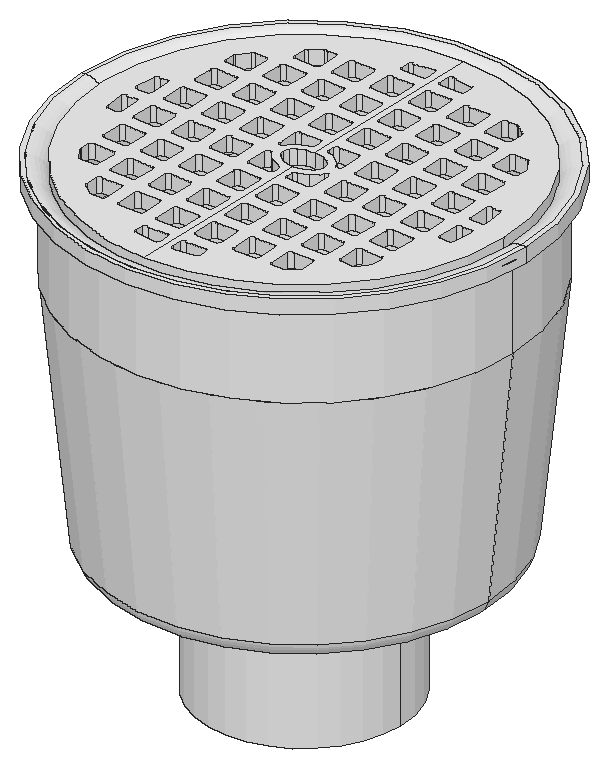
Revit family "Receptor_Sani-Flor_8_Inch_Round_6_Inch_Sump-Zurn-Z1960", category Plumbing Fixtures, Revit 2022
Family settings
  Round Connector Dimension = Use Radius
  Part Type = Normal
  OmniClass Number = 23.45.05.14.14
  OmniClass Title = Sinks/Lavatories
  Work Plane-Based = No
  Always vertical = Yes
  Cut with Voids When Loaded = No
  Maintain Annotation Orientation = No
  Shared = No
  Room Calculation Point = No
Parameters (values of type "Load Family Type Catalog")
  ZN Top height = 0.000"
  ZN Top = no
  Waste Connection = 1 = 1  # yes
  WFU = 0  # constant formula
  Vent Connection = 1 = 0  # no
  URL = "www.zurn.com"
  Type Comments = "Z1960 Sani-Flor Receptor 3 Inch Inside Caulk Outlet"
  Trap Primer = 1 = 0  # no
  Thickness = 0.250"
  Product Installation Sheet URL = "https://files.zurn.com/care-cleaning-install-warranty-sheets/fs16.pdf"
  Grate Open Area (Sq. In) = "14"
  Product data url = "https://www.bimobject.com/en-in/zurnindustries/product/zurn-z1960"
  Product Page URL = "https://www.zurn.com/products/drainage-interceptors/floor-sinks/z1960"
  Product Documentation Link = "https://files.zurn.com/spec-sheets/z1960.pdf"
  Grate Material = Iron - Zurn - Cast - White A.R.E Coated - Interior
  E_ Body Length_Derived = E_ Body Height - ZN Top height  # 8.500"
  Connector Radius = [A_ Pipe Size (Nominal)] / 2  # 1.500"
  Model = "Z1960-3IC"
  Main Material = Iron - Zurn - Cast - White A.R.E Coated - Interior
  HWFU = 0  # constant formula
  HW Connection = 1 = 0  # no
  Description = "8 [203] DIAMETER A.R.E. SANI-FLOR RECEPTOR 6 [152] SUMP DEPTH"  # constant formula
  CWFU = 0  # constant formula
  CW Connection = 1 = 0  # no
  Assembly Code = "D2030300"
  A_ Pipe Size (Nominal) = 3.000"
  A_ Pipe Size (Actual-Outer) = 3.500"
  A_ Pipe Size (Actual-Inner) = 3.026"
  Modified Date = "12/11/2025"  # constant formula
  Manufacurer Brand = "Zurn"  # constant formula
  Manufacturer = "Zurn Water, LLC"  # constant formula
  E_ Body Height = 8.500"
  Default Elevation = 4.000"  # constant formula
  Date Created = "08/29/2022"  # constant formula
  Approx. Weight (Lbs) = 25.000"
Reference planes (in)
  plane 1 "Center (Front/Back)": y = 0
  plane 2 "Top Level": z = -2
  plane 3 "Center (Left/Right)": x = 0
  plane 4: through (-4.38902, 4.38902, 48) normal (0.7071, 0.7071, 0)
  plane 5: through (4.7432, 4.7432, 48) normal (0.7071, -0.7071, 0)
  plane 6: x = -4
  plane 7: x = 4
  plane 8: x = -3.75
  plane 9: x = 3.75
  plane 10: z = -0.25
  plane 11: x = -1.75
  plane 12: x = 1.75
  plane 13: x = -1.513
  plane 14: x = 1.513
  plane 15: z = -6
  plane 16: z = -6.25
  plane 17: z = -8.5
  plane 18: z = 0
  plane 19: y = 1.75
  plane 20: y = -1.75
  plane 21: y = 6.125
  plane 22: y = -6.125
  plane 23: x = -3.25
  plane 24: x = 3.25
  plane 25: x = -3.5
  plane 26: x = 3.5
  plane 27: x = -2.9375
  plane 28: x = 2.9375
  plane 29: z = -0.25
  plane 30: z = -0.5
  plane 31: y = 3.59375
  plane 32: y = -3.59375
  plane 33: x = -3.59375
  plane 34: x = 3.59375
Forms (in)
  Revolve 1, solid, material "Iron - Zurn - Cast - White A.R.E Coated - Interior" <- "Main Material", detail levels fine
    sketch origin (0, 0, 0) x (1, 0, 0) y (0, 0, 1)
      loop
        line (-1.513, -8.5) -> (-1.513, -6) -> (-2.94861, -6)
        arc (-2.94861, -6) -> (-3.02617, -5.97303) -> (-3.07026, -5.90375) r 0.125
        arc (-3.07026, -5.90375) -> (-3.42758, -3.87198) -> (-3.54723, -1.8125) r 17.78516
        line (-3.54723, -1.8125) -> (-3.54723, -0.375)
        arc (-3.54723, -0.375) -> (-3.65706, -0.10983) -> (-3.92223, 0) r 0.375
        line (-3.92223, 0) -> (-4, 0) -> (-4, -0.25) -> (-3.875, -0.25)
        arc (-3.875, -0.25) -> (-3.78661, -0.28661) -> (-3.75, -0.375) r 0.125
        line (-3.75, -0.375) -> (-3.75, -1.8125)
        arc (-3.75, -1.8125) -> (-3.64106, -3.89405) -> (-3.31544, -5.95286) r 19.94141
        arc (-3.31544, -5.95286) -> (-3.18465, -6.1664) -> (-2.94861, -6.25) r 0.375
        line (-2.94861, -6.25) -> (-1.875, -6.25)
        arc (-1.875, -6.25) -> (-1.78661, -6.28661) -> (-1.75, -6.375) r 0.125
        line (-1.75, -6.375) -> (-1.75, -8.5) -> (-1.513, -8.5)
      axis (0, 0) -> (0, -8.5)
    angle from 0 to 360
  Revolve 2, solid, material "Iron - Zurn - Cast - White A.R.E Coated - Interior" <- "Grate Material", visible <- "ZN Top", detail levels fine
    sketch origin (0, 0, 0) x (1, 0, 0) y (0, 0, 1)
      loop
        line (-3.675, 0) -> (-4.25, 0) -> (-4.25, -0.5) -> (-3.5, -0.5) -> (-3.5, -0.25) -> (-3.675, -0.25) -> (-3.675, 0)
      axis (0, 0) -> (0, -0.5)
    angle from 0 to 360
Lines and regions (in)
  Masking region 1, detail levels fine
    outline origin (0, 0, 0) x (1, 0, 0) y (0, 1, 0)
      loop
        circle (0, 0) r 4.25
  model lines, detail levels coarse+medium
    curve 1: line (0, 0, 0) -> (0, 0, -8.5)
    curve 2: line (-1.75, 0, -8.5) -> (1.75, 0, -8.5)
    curve 3: line (0, 1.75, -8.5) -> (0, -1.75, -8.5)
    curve 4: circle (0, 0, 0) r 4.125 normal (0, 0, 1)
    curve 5: circle (0, 0, 0) r 3.56375 normal (0, 0, 1)
    curve 6: line (-2.01363, 2.94034, 0) -> (2.01363, 2.94034, 0)
    curve 7: line (-2.73318, 2.28693, 0) -> (2.73318, 2.28693, 0)
    curve 8: line (-3.16732, 1.63352, 0) -> (3.16732, 1.63352, 0)
    curve 9: line (-3.42632, 0.98011, 0) -> (3.42632, 0.98011, 0)
    curve 10: line (-3.54874, 0.3267, 0) -> (3.54874, 0.3267, 0)
    curve 11: line (3.54874, -0.3267, 0) -> (-3.54874, -0.3267, 0)
    curve 12: line (-3.42632, -0.98011, 0) -> (3.42632, -0.98011, 0)
    curve 13: line (-3.16732, -1.63352, 0) -> (3.16732, -1.63352, 0)
    curve 14: line (-2.73318, -2.28693, 0) -> (2.73318, -2.28693, 0)
    curve 15: line (-2.01363, -2.94034, 0) -> (2.01363, -2.94034, 0)
    curve 16: line (-2.94034, 2.01363, 0) -> (-2.94034, -2.01363, 0)
    curve 17: line (-2.28693, 2.73318, 0) -> (-2.28693, -2.73318, 0)
    curve 18: line (-1.63352, -3.16732, 0) -> (-1.63352, 3.16732, 0)
    curve 19: line (-0.98011, 3.42632, 0) -> (-0.98011, -3.42632, 0)
    curve 20: line (-0.3267, -3.54874, 0) -> (-0.3267, 3.54874, 0)
    curve 21: line (0.3267, 3.54874, 0) -> (0.3267, -3.54874, 0)
    curve 22: line (0.98011, -3.42632, 0) -> (0.98011, 3.42632, 0)
    curve 23: line (1.63352, 3.16732, 0) -> (1.63352, -3.16732, 0)
    curve 24: line (2.28693, 2.73318, 0) -> (2.28693, -2.73318, 0)
    curve 25: line (2.94034, 2.01363, 0) -> (2.94034, -2.01363, 0)
Dimensions and locks (in)
  locked: plane 3 "Center (Left/Right)" to plane 4
  locked: plane 5 to plane 4
  level to plane 2 "Top Level" = 2.000"
  equal spacing: plane 11, plane 3 "Center (Left/Right)", plane 12
  "A_ Pipe Size (Actual-Outer)": plane 11 to plane 12
  equal spacing: plane 14, plane 3 "Center (Left/Right)", plane 13
  "A_ Pipe Size (Actual-Inner)": plane 14 to plane 13
  "A_ Pipe Size (Actual-Outer)": plane 19 to plane 20
  equal spacing: plane 19, plane 1 "Center (Front/Back)", plane 20
  plane 21 to plane 22 = 12.250"
  equal spacing: plane 21, plane 1 "Center (Front/Back)", plane 22
  "Thickness": plane 8 to plane 6
  "Thickness": plane 7 to plane 9
  locked: plane 7 to plane 6 at 8
  equal spacing: plane 7, plane 3 "Center (Left/Right)", plane 6
  equal spacing: plane 24, plane 3 "Center (Left/Right)", plane 23, locked at 3.25 each
  "Thickness": plane 24 to plane 26
  "Thickness": plane 23 to plane 25
  locked: plane 27 to plane 23 at 0.3125
  locked: plane 24 to plane 28 at 0.3125
  "E_ Body Height": level to plane 17
  "Thickness": plane 15 to plane 16
  locked: plane 26 to plane 25 at 7
  locked: plane 18 to plane 15 at 6
  locked: plane 18 to plane 2 "Top Level" at 2
  locked: plane 3 "Center (Left/Right)" to Revolve 1 sketch curve at 2.94861
  locked: Revolve 1 sketch curve to plane 16 at 0.375
  "E_ Body Length_Derived": plane 18 to plane 17
  "Thickness": plane 18 to plane 10
  "Thickness": plane 29 to plane 30
  "Thickness": level to plane 29
  locked: Revolve 2 sketch curve to plane 6 at 0.25
  locked: Revolve 2 sketch curve to plane 6 at 0.325
  plane 31 to plane 1 "Center (Front/Back)" to plane 32 = 3.59375" locked, 3.59375" locked
  equal spacing: plane 31, curve 6, curve 7, curve 8, curve 9, curve 10, curve 11, curve 12, curve 13, curve 14, curve 15, plane 32, locked at 0.65341 each
  plane 33 to plane 3 "Center (Left/Right)" to plane 34 = 3.59375" locked, 3.59375" locked
  equal spacing: plane 33, curve 16, curve 17, curve 18, curve 19, curve 20, curve 21, curve 22, curve 23, curve 24, curve 25, plane 34, locked at 0.65341 each
  radius of curve 5 = 3.56375"
  diameter of Masking region 1 sketch curve = 8.500"
  aligned and locked: plane 11 to curve 2
  aligned and locked: plane 12 to curve 2
  aligned and locked: curve 2 to plane 17
  aligned and locked: level to curve 1
  aligned and locked: plane 17 to curve 1
  aligned and locked: curve 1 to plane 3 "Center (Left/Right)"
  aligned and locked: curve 3 to plane 19
  aligned and locked: plane 20 to curve 3
  aligned and locked: curve 3 to plane 17
  aligned and locked: plane 17 to Revolve 1 sketch curve
  aligned and locked: Revolve 1 sketch curve to plane 11
  aligned and locked: plane 13 to Revolve 1 sketch curve
  aligned and locked: plane 16 to Revolve 1 sketch curve
  aligned and locked: plane 15 to Revolve 1 sketch curve
  aligned and locked: plane 18 to Revolve 1 sketch curve  (x2)
  aligned and locked: Revolve 1 sketch curve to plane 10
  aligned and locked: Revolve 1 sketch curve to plane 6
  aligned and locked: Revolve 1 sketch curve to plane 8
  aligned and locked: Revolve 1 sketch curve to plane 3 "Center (Left/Right)"
  aligned and locked: plane 25 to Revolve 2 sketch curve
  aligned and locked: Revolve 2 sketch curve to plane 30
  aligned and locked: plane 29 to Revolve 2 sketch curve
  aligned and locked: Revolve 2 sketch curve to curve 1
  aligned and locked: nested 1 to level
  aligned and locked: plane 3 "Center (Left/Right)" to nested 1
  aligned and locked: plane 1 "Center (Front/Back)" to nested 1
  aligned and locked: Revolve 2 to level
  aligned and locked: plane 3 "Center (Left/Right)" to curve 4
  aligned and locked: plane 1 "Center (Front/Back)" to curve 4
  aligned and locked: plane 1 "Center (Front/Back)" to curve 5
  aligned and locked: plane 3 "Center (Left/Right)" to curve 5
  aligned and locked: plane 3 "Center (Left/Right)" to Masking region 1 sketch curve
  aligned and locked: plane 1 "Center (Front/Back)" to Masking region 1 sketch curve
Automatic sketch dimensions
  Revolve 1 sketch curve to Revolve 1 sketch curve = 0.000"  (x2)
  Revolve 1 sketch curve to plane 17 = 0.000"
  plane 6 to Revolve 1 sketch curve = 0.07777"
  Revolve 1 sketch curve to Revolve 1 sketch curve = 0.04723"
  Revolve 1 sketch curve to plane 25 = 0.04723"
  Revolve 1 sketch curve to Revolve 1 sketch curve = 0.125"
  plane 2 "Top Level" to Revolve 1 sketch curve = 0.1875"  (x2)
  plane 7 to Revolve 1 sketch curve = 10.23793"
  Revolve 1 sketch curve to Revolve 1 sketch curve = 1.95348"
  Revolve 2 sketch curve to plane 2 "Top Level" = 0.000"
  Revolve 2 sketch curve to level = 0.000"  (x2)
  radius of curve 4 = 4.125"
Nested families (in)
  nested 1: "Z1960-Grate" at (0, 0, 0), Grate Material <- "Grate Material", type "Z1960", detail levels fine
Connectors (in)
  piping at (0, 0, -8.5), diameter 3, driven by "Connector Radius", driven by "Waste Connection"
    settings: on Revolve 1, index 1, connector inside diameter 24", connector length 0.000", flow factor 0, pipe flow 0 GPM, pressure drop 0.00 psi, fitting loss kfactor 0, connector angle 0.00°, fixture units 0, engagement length 0.000", angle of deflection 0.00°, flow configuration 0, flow direction 2, fitting loss method 0, system type 16, joint type 0, gender type 0, connector reference index -1, connector utility 1, adjustable connector no, is connector primary yes, connector description "sanitary Outlet"
Definition of nested family "Z1960-Grate"
  Parameters (values of type "Z1960")
    IC = no
    Grate Material [instance] = none
    E = 9.000"
    Default Elevation = 0.000"
    A1 = A / 2  # 2.000"
    A = 4.000"
  Reference planes (in)
    plane 1 "Center (Front/Back)": y = 0
    plane 2: z = 0
    plane 3 "Center (Left/Right)": x = 0
    plane 4: y = -2
    plane 5: y = 2
  Forms (in)
    Revolve 1, solid, material <- "Grate Material"
      sketch origin (0, 0, 0) x (0, 1, 0) y (0, 0, 1)
        loop
          line (-3.99606, 0) -> (-3.99606, -0.25) -> (0, -0.25) -> (0, 0) -> (-3.99606, 0)
        axis (0, 0) -> (0, -0.25)
      angle from 0 to 360
    Extrusion 2, void
      sketch origin (0, 0, 0) x (1, 0, 0) y (0, 1, 0)
        loop
          arc (-0.17535, 3.15138) -> (-0.35124, 3.13665) -> (-0.52604, 3.1121) r 3.15625
          arc (-0.52604, 3.1121) -> (-0.56336, 3.09082) -> (-0.57812, 3.05048) r 0.0625
          line (-0.57812, 3.05048) -> (-0.57812, 2.92187)
          arc (-0.57812, 2.92187) -> (-0.55982, 2.87768) -> (-0.51562, 2.85937) r 0.0625
          line (-0.51562, 2.85937) -> (-0.17187, 2.85937)
          arc (-0.17187, 2.85937) -> (-0.12768, 2.87768) -> (-0.10937, 2.92187) r 0.0625
          line (-0.10937, 2.92187) -> (-0.10937, 3.08897)
          arc (-0.10937, 3.08897) -> (-0.12893, 3.13438) -> (-0.17535, 3.15138) r 0.0625
        loop
          line (-1.54687, 2.64063) -> (-1.71013, 2.64063)
          arc (-1.71013, 2.64063) -> (-1.72818, 2.63796) -> (-1.74468, 2.63021) r 0.0625
          arc (-1.74468, 2.63021) -> (-1.83793, 2.56591) -> (-1.92882, 2.49831) r 3.15625
          arc (-1.92882, 2.49831) -> (-1.94672, 2.4764) -> (-1.95312, 2.44884) r 0.0625
          line (-1.95312, 2.44884) -> (-1.95312, 2.23437)
          arc (-1.95312, 2.23437) -> (-1.93482, 2.19018) -> (-1.89062, 2.17187) r 0.0625
          line (-1.89062, 2.17187) -> (-1.54687, 2.17187)
          arc (-1.54687, 2.17187) -> (-1.50268, 2.19018) -> (-1.48437, 2.23437) r 0.0625
          line (-1.48437, 2.23437) -> (-1.48437, 2.57813)
          arc (-1.48437, 2.57813) -> (-1.50268, 2.62232) -> (-1.54687, 2.64063) r 0.0625
        loop
          line (-1.26562, 2.57813) -> (-1.26562, 2.23437)
          arc (-1.26562, 2.23437) -> (-1.24732, 2.19018) -> (-1.20312, 2.17187) r 0.0625
          line (-1.20312, 2.17187) -> (-0.85937, 2.17187)
          arc (-0.85937, 2.17187) -> (-0.81518, 2.19018) -> (-0.79687, 2.23437) r 0.0625
          line (-0.79687, 2.23437) -> (-0.79687, 2.57813)
          arc (-0.79687, 2.57813) -> (-0.81518, 2.62232) -> (-0.85937, 2.64063) r 0.0625
          line (-0.85937, 2.64063) -> (-1.20312, 2.64063)
          arc (-1.20312, 2.64063) -> (-1.24732, 2.62232) -> (-1.26562, 2.57813) r 0.0625
        loop
          line (-0.17187, 2.64063) -> (-0.51562, 2.64063)
          arc (-0.51562, 2.64063) -> (-0.55982, 2.62232) -> (-0.57812, 2.57813) r 0.0625
          line (-0.57812, 2.57813) -> (-0.57812, 2.23437)
          arc (-0.57812, 2.23437) -> (-0.55982, 2.19018) -> (-0.51562, 2.17187) r 0.0625
          line (-0.51562, 2.17187) -> (-0.17187, 2.17187)
          arc (-0.17187, 2.17187) -> (-0.12768, 2.19018) -> (-0.10937, 2.23437) r 0.0625
          line (-0.10937, 2.23437) -> (-0.10937, 2.57813)
          arc (-0.10937, 2.57813) -> (-0.12768, 2.62232) -> (-0.17187, 2.64063) r 0.0625
        loop
          line (-0.85937, 1.95312) -> (-1.20312, 1.95312)
          arc (-1.20312, 1.95312) -> (-1.24732, 1.93482) -> (-1.26562, 1.89062) r 0.0625
          line (-1.26562, 1.89062) -> (-1.26562, 1.54687)
          arc (-1.26562, 1.54687) -> (-1.24732, 1.50268) -> (-1.20312, 1.48438) r 0.0625
          line (-1.20312, 1.48438) -> (-0.85937, 1.48437)
          arc (-0.85937, 1.48437) -> (-0.81518, 1.50268) -> (-0.79687, 1.54688) r 0.0625
          line (-0.79687, 1.54688) -> (-0.79687, 1.89062)
          arc (-0.79687, 1.89062) -> (-0.81518, 1.93482) -> (-0.85937, 1.95312) r 0.0625
        loop
          line (-0.17088, 1.95312) -> (-0.51463, 1.95312)
          arc (-0.51463, 1.95312) -> (-0.55882, 1.93482) -> (-0.57713, 1.89062) r 0.0625
          line (-0.57713, 1.89062) -> (-0.57713, 1.54687)
          arc (-0.57713, 1.54687) -> (-0.55882, 1.50268) -> (-0.51463, 1.48438) r 0.0625
          line (-0.51463, 1.48438) -> (-0.17088, 1.48437)
          arc (-0.17088, 1.48437) -> (-0.12668, 1.50268) -> (-0.10838, 1.54688) r 0.0625
          line (-0.10838, 1.54688) -> (-0.10838, 1.89062)
          arc (-0.10838, 1.89062) -> (-0.12668, 1.93482) -> (-0.17088, 1.95312) r 0.0625
        loop
          arc (-2.49831, 1.92882) -> (-2.56591, 1.83793) -> (-2.63021, 1.74468) r 3.15625
          arc (-2.63021, 1.74468) -> (-2.63796, 1.72818) -> (-2.64062, 1.71013) r 0.0625
          line (-2.64062, 1.71013) -> (-2.64062, 1.54687)
          arc (-2.64062, 1.54687) -> (-2.62232, 1.50268) -> (-2.57812, 1.48437) r 0.0625
          line (-2.57812, 1.48437) -> (-2.23437, 1.48437)
          arc (-2.23437, 1.48437) -> (-2.19018, 1.50268) -> (-2.17187, 1.54688) r 0.0625
          line (-2.17187, 1.54688) -> (-2.17187, 1.89062)
          arc (-2.17187, 1.89062) -> (-2.19018, 1.93482) -> (-2.23437, 1.95312) r 0.0625
          line (-2.23437, 1.95312) -> (-2.44884, 1.95312)
          arc (-2.44884, 1.95312) -> (-2.4764, 1.94672) -> (-2.49831, 1.92882) r 0.0625
        loop
          line (-1.95312, 1.89062) -> (-1.95312, 1.54687)
          arc (-1.95312, 1.54687) -> (-1.93482, 1.50268) -> (-1.89062, 1.48438) r 0.0625
          line (-1.89062, 1.48438) -> (-1.54687, 1.48437)
          arc (-1.54687, 1.48437) -> (-1.50268, 1.50268) -> (-1.48437, 1.54688) r 0.0625
          line (-1.48437, 1.54688) -> (-1.48437, 1.89062)
          arc (-1.48437, 1.89062) -> (-1.50268, 1.93482) -> (-1.54687, 1.95312) r 0.0625
          line (-1.54687, 1.95312) -> (-1.89062, 1.95312)
          arc (-1.89062, 1.95312) -> (-1.93482, 1.93482) -> (-1.95312, 1.89062) r 0.0625
        loop
          arc (-3.1121, 0.52604) -> (-3.13664, 0.35124) -> (-3.15138, 0.17535) r 3.15625
          arc (-3.15138, 0.17535) -> (-3.13438, 0.12893) -> (-3.08897, 0.10937) r 0.0625
          line (-3.08897, 0.10937) -> (-2.92187, 0.10937)
          arc (-2.92187, 0.10937) -> (-2.87768, 0.12768) -> (-2.85937, 0.17187) r 0.0625
          line (-2.85937, 0.17187) -> (-2.85937, 0.51562)
          arc (-2.85937, 0.51562) -> (-2.87768, 0.55982) -> (-2.92187, 0.57812) r 0.0625
          line (-2.92187, 0.57812) -> (-3.05048, 0.57812)
          arc (-3.05048, 0.57812) -> (-3.09082, 0.56336) -> (-3.1121, 0.52604) r 0.0625
        loop
          line (-2.64062, 0.51562) -> (-2.64062, 0.17187)
          arc (-2.64062, 0.17187) -> (-2.62232, 0.12768) -> (-2.57812, 0.10937) r 0.0625
          line (-2.57812, 0.10937) -> (-2.23437, 0.10937)
          arc (-2.23437, 0.10937) -> (-2.19018, 0.12768) -> (-2.17187, 0.17187) r 0.0625
          line (-2.17187, 0.17187) -> (-2.17187, 0.51563)
          arc (-2.17187, 0.51563) -> (-2.19018, 0.55982) -> (-2.23437, 0.57812) r 0.0625
          line (-2.23437, 0.57812) -> (-2.57812, 0.57813)
          arc (-2.57812, 0.57813) -> (-2.62232, 0.55982) -> (-2.64062, 0.51562) r 0.0625
        loop
          arc (-2.23437, 0.79687) -> (-2.19018, 0.81518) -> (-2.17187, 0.85937) r 0.0625
          line (-2.17187, 0.85937) -> (-2.17187, 1.20312)
          arc (-2.17187, 1.20312) -> (-2.19018, 1.24732) -> (-2.23437, 1.26562) r 0.0625
          line (-2.23437, 1.26562) -> (-2.57812, 1.26562)
          arc (-2.57812, 1.26562) -> (-2.62232, 1.24732) -> (-2.64062, 1.20312) r 0.0625
          line (-2.64062, 1.20312) -> (-2.64062, 0.85937)
          arc (-2.64062, 0.85937) -> (-2.62232, 0.81518) -> (-2.57812, 0.79687) r 0.0625
          line (-2.57812, 0.79687) -> (-2.23437, 0.79687)
        loop
          line (-1.95312, 1.20312) -> (-1.95312, 0.85937)
          arc (-1.95312, 0.85937) -> (-1.93482, 0.81518) -> (-1.89062, 0.79687) r 0.0625
          line (-1.89062, 0.79687) -> (-1.54687, 0.79687)
          arc (-1.54687, 0.79687) -> (-1.50268, 0.81518) -> (-1.48437, 0.85937) r 0.0625
          line (-1.48437, 0.85937) -> (-1.48437, 1.20312)
          arc (-1.48437, 1.20312) -> (-1.50268, 1.24732) -> (-1.54687, 1.26562) r 0.0625
          line (-1.54687, 1.26562) -> (-1.89062, 1.26562)
          arc (-1.89062, 1.26562) -> (-1.93482, 1.24732) -> (-1.95312, 1.20312) r 0.0625
        loop
          arc (-1.95312, 0.17187) -> (-1.93482, 0.12768) -> (-1.89062, 0.10937) r 0.0625
          line (-1.89062, 0.10937) -> (-1.54687, 0.10937)
          arc (-1.54687, 0.10937) -> (-1.50268, 0.12768) -> (-1.48437, 0.17187) r 0.0625
          line (-1.48437, 0.17187) -> (-1.48437, 0.51562)
          arc (-1.48437, 0.51562) -> (-1.50268, 0.55982) -> (-1.54687, 0.57812) r 0.0625
          line (-1.54687, 0.57812) -> (-1.89062, 0.57812)
          arc (-1.89062, 0.57812) -> (-1.93482, 0.55982) -> (-1.95312, 0.51562) r 0.0625
          line (-1.95312, 0.51562) -> (-1.95312, 0.17187)
        loop
          line (-0.85937, 1.26562) -> (-1.20312, 1.26562)
          arc (-1.20312, 1.26562) -> (-1.24732, 1.24732) -> (-1.26562, 1.20312) r 0.0625
          line (-1.26562, 1.20312) -> (-1.26562, 0.85937)
          arc (-1.26562, 0.85937) -> (-1.24732, 0.81518) -> (-1.20312, 0.79687) r 0.0625
          line (-1.20312, 0.79687) -> (-0.85937, 0.79688)
          arc (-0.85937, 0.79688) -> (-0.81518, 0.81518) -> (-0.79687, 0.85938) r 0.0625
          line (-0.79687, 0.85938) -> (-0.79687, 1.20312)
          arc (-0.79687, 1.20312) -> (-0.81518, 1.24732) -> (-0.85937, 1.26562) r 0.0625
        loop
          line (-0.57812, 1.20312) -> (-0.57812, 0.85938)
          arc (-0.57812, 0.85938) -> (-0.55982, 0.81518) -> (-0.51562, 0.79688) r 0.0625
          line (-0.51562, 0.79688) -> (-0.17187, 0.79688)
          arc (-0.17187, 0.79688) -> (-0.12768, 0.81518) -> (-0.10937, 0.85938) r 0.0625
          line (-0.10937, 0.85938) -> (-0.10937, 1.20312)
          arc (-0.10937, 1.20312) -> (-0.12768, 1.24732) -> (-0.17187, 1.26562) r 0.0625
          line (-0.17187, 1.26562) -> (-0.51562, 1.26562)
          arc (-0.51562, 1.26562) -> (-0.55982, 1.24732) -> (-0.57812, 1.20312) r 0.0625
        loop
          arc (-0.79687, 0.51562) -> (-0.81518, 0.55982) -> (-0.85937, 0.57812) r 0.0625
          line (-0.85937, 0.57812) -> (-1.20312, 0.57812)
          arc (-1.20312, 0.57812) -> (-1.24732, 0.55982) -> (-1.26562, 0.51562) r 0.0625
          line (-1.26562, 0.51562) -> (-1.26562, 0.17187)
          arc (-1.26562, 0.17187) -> (-1.24732, 0.12768) -> (-1.20312, 0.10937) r 0.0625
          line (-1.20312, 0.10937) -> (-0.85937, 0.10937)
          arc (-0.85937, 0.10937) -> (-0.81518, 0.12768) -> (-0.79687, 0.17187) r 0.0625
          line (-0.79687, 0.17187) -> (-0.79687, 0.51562)
        loop
          arc (-0.33433, 0.28072) -> (-0.24968, 0.32664) -> (-0.15812, 0.35652) r 0.53073
          arc (-0.15812, 0.35652) -> (-0.12305, 0.37846) -> (-0.10937, 0.41749) r 0.0625
          line (-0.10937, 0.41749) -> (-0.10937, 0.51563)
          arc (-0.10937, 0.51563) -> (-0.12768, 0.55983) -> (-0.17188, 0.57814) r 0.06251
          line (-0.17188, 0.57814) -> (-0.51566, 0.57814)
          arc (-0.51566, 0.57814) -> (-0.55988, 0.55983) -> (-0.5782, 0.51561) r 0.06254
          line (-0.5782, 0.51561) -> (-0.5782, 0.17191)
          arc (-0.5782, 0.17191) -> (-0.55995, 0.12786) -> (-0.5159, 0.10961) r 0.0623
          arc (-0.5159, 0.10961) -> (-0.48583, 0.11865) -> (-0.46399, 0.1412) r 0.06231
          arc (-0.46399, 0.1412) -> (-0.40736, 0.21858) -> (-0.33433, 0.28072) r 0.4106
        loop
          arc (0.85937, 1.95312) -> (0.81518, 1.93482) -> (0.79687, 1.89062) r 0.0625
          line (0.79687, 1.89062) -> (0.79687, 1.54687)
          arc (0.79687, 1.54687) -> (0.81518, 1.50268) -> (0.85937, 1.48437) r 0.0625
          line (0.85937, 1.48437) -> (1.20312, 1.48438)
          arc (1.20312, 1.48438) -> (1.24732, 1.50268) -> (1.26562, 1.54687) r 0.0625
          line (1.26562, 1.54687) -> (1.26562, 1.89062)
          arc (1.26562, 1.89062) -> (1.24732, 1.93482) -> (1.20312, 1.95312) r 0.0625
          line (1.20312, 1.95312) -> (0.85937, 1.95312)
        loop
          arc (0.17088, 1.95312) -> (0.12668, 1.93482) -> (0.10838, 1.89062) r 0.0625
          line (0.10838, 1.89062) -> (0.10838, 1.54687)
          arc (0.10838, 1.54687) -> (0.12668, 1.50268) -> (0.17088, 1.48437) r 0.0625
          line (0.17088, 1.48437) -> (0.51463, 1.48438)
          arc (0.51463, 1.48438) -> (0.55882, 1.50268) -> (0.57713, 1.54687) r 0.0625
          line (0.57713, 1.54687) -> (0.57713, 1.89062)
          arc (0.57713, 1.89062) -> (0.55882, 1.93482) -> (0.51463, 1.95312) r 0.0625
          line (0.51463, 1.95312) -> (0.17088, 1.95312)
        loop
          arc (2.49831, 1.92882) -> (2.4764, 1.94672) -> (2.44884, 1.95312) r 0.0625
          line (2.44884, 1.95312) -> (2.23437, 1.95312)
          arc (2.23437, 1.95312) -> (2.19018, 1.93482) -> (2.17187, 1.89062) r 0.0625
          line (2.17187, 1.89062) -> (2.17187, 1.54687)
          arc (2.17187, 1.54687) -> (2.19018, 1.50268) -> (2.23437, 1.48437) r 0.0625
          line (2.23437, 1.48437) -> (2.57812, 1.48437)
          arc (2.57812, 1.48437) -> (2.62232, 1.50268) -> (2.64062, 1.54687) r 0.0625
          line (2.64062, 1.54687) -> (2.64062, 1.71013)
          arc (2.64062, 1.71013) -> (2.63796, 1.72818) -> (2.63021, 1.74468) r 0.0625
          arc (2.63021, 1.74468) -> (2.56591, 1.83793) -> (2.49831, 1.92882) r 3.15625
        loop
          arc (1.95312, 1.89062) -> (1.93482, 1.93482) -> (1.89062, 1.95312) r 0.0625
          line (1.89062, 1.95312) -> (1.54687, 1.95312)
          arc (1.54687, 1.95312) -> (1.50268, 1.93482) -> (1.48437, 1.89062) r 0.0625
          line (1.48437, 1.89062) -> (1.48437, 1.54687)
          arc (1.48437, 1.54687) -> (1.50268, 1.50268) -> (1.54687, 1.48437) r 0.0625
          line (1.54687, 1.48437) -> (1.89062, 1.48438)
          arc (1.89062, 1.48438) -> (1.93482, 1.50268) -> (1.95312, 1.54687) r 0.0625
          line (1.95312, 1.54687) -> (1.95312, 1.89062)
        loop
          arc (3.1121, 0.52604) -> (3.09082, 0.56336) -> (3.05048, 0.57812) r 0.0625
          line (3.05048, 0.57812) -> (2.92187, 0.57812)
          arc (2.92187, 0.57812) -> (2.87768, 0.55982) -> (2.85937, 0.51562) r 0.0625
          line (2.85937, 0.51562) -> (2.85937, 0.17187)
          arc (2.85937, 0.17187) -> (2.87768, 0.12768) -> (2.92187, 0.10937) r 0.0625
          line (2.92187, 0.10937) -> (3.08897, 0.10937)
          arc (3.08897, 0.10937) -> (3.13438, 0.12893) -> (3.15138, 0.17535) r 0.0625
          arc (3.15138, 0.17535) -> (3.13664, 0.35124) -> (3.1121, 0.52604) r 3.15625
        loop
          arc (2.64062, 0.51562) -> (2.62232, 0.55982) -> (2.57812, 0.57813) r 0.0625
          line (2.57812, 0.57813) -> (2.23437, 0.57812)
          arc (2.23437, 0.57812) -> (2.19018, 0.55982) -> (2.17187, 0.51563) r 0.0625
          line (2.17187, 0.51563) -> (2.17187, 0.17187)
          arc (2.17187, 0.17187) -> (2.19018, 0.12768) -> (2.23437, 0.10937) r 0.0625
          line (2.23437, 0.10937) -> (2.57812, 0.10937)
          arc (2.57812, 0.10937) -> (2.62232, 0.12768) -> (2.64062, 0.17187) r 0.0625
          line (2.64062, 0.17187) -> (2.64062, 0.51562)
        loop
          line (2.23437, 0.79687) -> (2.57812, 0.79687)
          arc (2.57812, 0.79687) -> (2.62232, 0.81518) -> (2.64062, 0.85937) r 0.0625
          line (2.64062, 0.85937) -> (2.64062, 1.20312)
          arc (2.64062, 1.20312) -> (2.62232, 1.24732) -> (2.57812, 1.26562) r 0.0625
          line (2.57812, 1.26562) -> (2.23437, 1.26562)
          arc (2.23437, 1.26562) -> (2.19018, 1.24732) -> (2.17187, 1.20312) r 0.0625
          line (2.17187, 1.20312) -> (2.17187, 0.85937)
          arc (2.17187, 0.85937) -> (2.19018, 0.81518) -> (2.23437, 0.79687) r 0.0625
        loop
          arc (1.95312, 1.20312) -> (1.93482, 1.24732) -> (1.89062, 1.26562) r 0.0625
          line (1.89062, 1.26562) -> (1.54687, 1.26562)
          arc (1.54687, 1.26562) -> (1.50268, 1.24732) -> (1.48437, 1.20312) r 0.0625
          line (1.48437, 1.20312) -> (1.48437, 0.85937)
          arc (1.48437, 0.85937) -> (1.50268, 0.81518) -> (1.54687, 0.79687) r 0.0625
          line (1.54687, 0.79687) -> (1.89062, 0.79687)
          arc (1.89062, 0.79687) -> (1.93482, 0.81518) -> (1.95312, 0.85937) r 0.0625
          line (1.95312, 0.85937) -> (1.95312, 1.20312)
        loop
          line (1.95312, 0.17187) -> (1.95312, 0.51562)
          arc (1.95312, 0.51562) -> (1.93482, 0.55982) -> (1.89062, 0.57812) r 0.0625
          line (1.89062, 0.57812) -> (1.54687, 0.57812)
          arc (1.54687, 0.57812) -> (1.50268, 0.55982) -> (1.48437, 0.51562) r 0.0625
          line (1.48437, 0.51562) -> (1.48437, 0.17187)
          arc (1.48437, 0.17187) -> (1.50268, 0.12768) -> (1.54687, 0.10937) r 0.0625
          line (1.54687, 0.10937) -> (1.89062, 0.10937)
          arc (1.89062, 0.10937) -> (1.93482, 0.12768) -> (1.95312, 0.17187) r 0.0625
        loop
          arc (0.85937, 1.26562) -> (0.81518, 1.24732) -> (0.79687, 1.20312) r 0.0625
          line (0.79687, 1.20312) -> (0.79687, 0.85938)
          arc (0.79687, 0.85938) -> (0.81518, 0.81518) -> (0.85937, 0.79688) r 0.0625
          line (0.85937, 0.79688) -> (1.20312, 0.79687)
          arc (1.20312, 0.79687) -> (1.24732, 0.81518) -> (1.26562, 0.85937) r 0.0625
          line (1.26562, 0.85937) -> (1.26562, 1.20312)
          arc (1.26562, 1.20312) -> (1.24732, 1.24732) -> (1.20312, 1.26562) r 0.0625
          line (1.20312, 1.26562) -> (0.85937, 1.26562)
        loop
          arc (0.57812, 1.20312) -> (0.55982, 1.24732) -> (0.51562, 1.26562) r 0.0625
          line (0.51562, 1.26562) -> (0.17187, 1.26562)
          arc (0.17187, 1.26562) -> (0.12768, 1.24732) -> (0.10937, 1.20312) r 0.0625
          line (0.10937, 1.20312) -> (0.10937, 0.85938)
          arc (0.10937, 0.85938) -> (0.12768, 0.81518) -> (0.17187, 0.79688) r 0.0625
          line (0.17187, 0.79688) -> (0.51562, 0.79688)
          arc (0.51562, 0.79688) -> (0.55982, 0.81518) -> (0.57812, 0.85938) r 0.0625
          line (0.57812, 0.85938) -> (0.57812, 1.20312)
        loop
          line (0.79687, 0.51562) -> (0.79687, 0.17187)
          arc (0.79687, 0.17187) -> (0.81518, 0.12768) -> (0.85937, 0.10937) r 0.0625
          line (0.85937, 0.10937) -> (1.20312, 0.10937)
          arc (1.20312, 0.10937) -> (1.24732, 0.12768) -> (1.26562, 0.17187) r 0.0625
          line (1.26562, 0.17187) -> (1.26562, 0.51562)
          arc (1.26562, 0.51562) -> (1.24732, 0.55982) -> (1.20312, 0.57812) r 0.0625
          line (1.20312, 0.57812) -> (0.85937, 0.57812)
          arc (0.85937, 0.57812) -> (0.81518, 0.55982) -> (0.79687, 0.51562) r 0.0625
        loop
          arc (0.33433, 0.28072) -> (0.40736, 0.21858) -> (0.46399, 0.1412) r 0.4106
          arc (0.46399, 0.1412) -> (0.48583, 0.11865) -> (0.5159, 0.10961) r 0.06231
          arc (0.5159, 0.10961) -> (0.55995, 0.12786) -> (0.5782, 0.17191) r 0.0623
          line (0.5782, 0.17191) -> (0.5782, 0.51561)
          arc (0.5782, 0.51561) -> (0.55988, 0.55983) -> (0.51566, 0.57814) r 0.06254
          line (0.51566, 0.57814) -> (0.17188, 0.57814)
          arc (0.17188, 0.57814) -> (0.12768, 0.55983) -> (0.10937, 0.51563) r 0.06251
          line (0.10937, 0.51563) -> (0.10937, 0.41749)
          arc (0.10937, 0.41749) -> (0.12305, 0.37846) -> (0.15812, 0.35652) r 0.0625
          arc (0.15812, 0.35652) -> (0.24968, 0.32664) -> (0.33433, 0.28072) r 0.53073
        loop
          arc (0.17535, 3.15138) -> (0.12893, 3.13438) -> (0.10937, 3.08897) r 0.0625
          line (0.10937, 3.08897) -> (0.10937, 2.92187)
          arc (0.10937, 2.92187) -> (0.12768, 2.87768) -> (0.17187, 2.85937) r 0.0625
          line (0.17187, 2.85937) -> (0.51562, 2.85937)
          arc (0.51562, 2.85937) -> (0.55982, 2.87768) -> (0.57812, 2.92187) r 0.0625
          line (0.57812, 2.92187) -> (0.57812, 3.05048)
          arc (0.57812, 3.05048) -> (0.56336, 3.09082) -> (0.52604, 3.1121) r 0.0625
          arc (0.52604, 3.1121) -> (0.35124, 3.13665) -> (0.17535, 3.15138) r 3.15625
        loop
          arc (1.54687, 2.64063) -> (1.50268, 2.62232) -> (1.48437, 2.57813) r 0.0625
          line (1.48437, 2.57813) -> (1.48437, 2.23437)
          arc (1.48437, 2.23437) -> (1.50268, 2.19018) -> (1.54687, 2.17187) r 0.0625
          line (1.54687, 2.17187) -> (1.89062, 2.17187)
          arc (1.89062, 2.17187) -> (1.93482, 2.19018) -> (1.95312, 2.23437) r 0.0625
          line (1.95312, 2.23437) -> (1.95312, 2.44884)
          arc (1.95312, 2.44884) -> (1.94672, 2.4764) -> (1.92882, 2.49831) r 0.0625
          arc (1.92882, 2.49831) -> (1.83793, 2.56591) -> (1.74468, 2.63021) r 3.15625
          arc (1.74468, 2.63021) -> (1.72818, 2.63796) -> (1.71013, 2.64063) r 0.0625
          line (1.71013, 2.64063) -> (1.54687, 2.64063)
        loop
          arc (1.26562, 2.57813) -> (1.24732, 2.62232) -> (1.20312, 2.64063) r 0.0625
          line (1.20312, 2.64063) -> (0.85937, 2.64063)
          arc (0.85937, 2.64063) -> (0.81518, 2.62232) -> (0.79687, 2.57813) r 0.0625
          line (0.79687, 2.57813) -> (0.79687, 2.23437)
          arc (0.79687, 2.23437) -> (0.81518, 2.19018) -> (0.85937, 2.17187) r 0.0625
          line (0.85937, 2.17187) -> (1.20312, 2.17187)
          arc (1.20312, 2.17187) -> (1.24732, 2.19018) -> (1.26562, 2.23437) r 0.0625
          line (1.26562, 2.23437) -> (1.26562, 2.57813)
        loop
          arc (0.17187, 2.64063) -> (0.12768, 2.62232) -> (0.10937, 2.57813) r 0.0625
          line (0.10937, 2.57813) -> (0.10937, 2.23437)
          arc (0.10937, 2.23437) -> (0.12768, 2.19018) -> (0.17187, 2.17187) r 0.0625
          line (0.17187, 2.17187) -> (0.51562, 2.17187)
          arc (0.51562, 2.17187) -> (0.55982, 2.19018) -> (0.57812, 2.23437) r 0.0625
          line (0.57812, 2.23437) -> (0.57812, 2.57813)
          arc (0.57812, 2.57813) -> (0.55982, 2.62232) -> (0.51562, 2.64063) r 0.0625
          line (0.51562, 2.64063) -> (0.17187, 2.64063)
        loop
          arc (-0.17535, -3.15138) -> (-0.12893, -3.13438) -> (-0.10937, -3.08897) r 0.0625
          line (-0.10937, -3.08897) -> (-0.10937, -2.92187)
          arc (-0.10937, -2.92187) -> (-0.12768, -2.87768) -> (-0.17187, -2.85937) r 0.0625
          line (-0.17187, -2.85937) -> (-0.51562, -2.85937)
          arc (-0.51562, -2.85937) -> (-0.55982, -2.87768) -> (-0.57812, -2.92187) r 0.0625
          line (-0.57812, -2.92187) -> (-0.57812, -3.05048)
          arc (-0.57812, -3.05048) -> (-0.56336, -3.09082) -> (-0.52604, -3.1121) r 0.0625
          arc (-0.52604, -3.1121) -> (-0.35124, -3.13665) -> (-0.17535, -3.15138) r 3.15625
        loop
          arc (-1.54687, -2.64063) -> (-1.50268, -2.62232) -> (-1.48437, -2.57813) r 0.0625
          line (-1.48437, -2.57813) -> (-1.48437, -2.23437)
          arc (-1.48437, -2.23437) -> (-1.50268, -2.19018) -> (-1.54687, -2.17187) r 0.0625
          line (-1.54687, -2.17187) -> (-1.89062, -2.17187)
          arc (-1.89062, -2.17187) -> (-1.93482, -2.19018) -> (-1.95312, -2.23437) r 0.0625
          line (-1.95312, -2.23437) -> (-1.95312, -2.44884)
          arc (-1.95312, -2.44884) -> (-1.94672, -2.4764) -> (-1.92882, -2.49831) r 0.0625
          arc (-1.92882, -2.49831) -> (-1.83793, -2.56591) -> (-1.74468, -2.63021) r 3.15625
          arc (-1.74468, -2.63021) -> (-1.72818, -2.63796) -> (-1.71013, -2.64063) r 0.0625
          line (-1.71013, -2.64063) -> (-1.54687, -2.64063)
        loop
          arc (-1.26562, -2.57813) -> (-1.24732, -2.62232) -> (-1.20312, -2.64063) r 0.0625
          line (-1.20312, -2.64063) -> (-0.85937, -2.64063)
          arc (-0.85937, -2.64063) -> (-0.81518, -2.62232) -> (-0.79687, -2.57813) r 0.0625
          line (-0.79687, -2.57813) -> (-0.79687, -2.23437)
          arc (-0.79687, -2.23437) -> (-0.81518, -2.19018) -> (-0.85937, -2.17187) r 0.0625
          line (-0.85937, -2.17187) -> (-1.20312, -2.17187)
          arc (-1.20312, -2.17187) -> (-1.24732, -2.19018) -> (-1.26562, -2.23437) r 0.0625
          line (-1.26562, -2.23437) -> (-1.26562, -2.57813)
        loop
          arc (-0.17187, -2.64063) -> (-0.12768, -2.62232) -> (-0.10937, -2.57813) r 0.0625
          line (-0.10937, -2.57813) -> (-0.10937, -2.23437)
          arc (-0.10937, -2.23437) -> (-0.12768, -2.19018) -> (-0.17187, -2.17187) r 0.0625
          line (-0.17187, -2.17187) -> (-0.51562, -2.17187)
          arc (-0.51562, -2.17187) -> (-0.55982, -2.19018) -> (-0.57812, -2.23437) r 0.0625
          line (-0.57812, -2.23437) -> (-0.57812, -2.57813)
          arc (-0.57812, -2.57813) -> (-0.55982, -2.62232) -> (-0.51562, -2.64063) r 0.0625
          line (-0.51562, -2.64063) -> (-0.17187, -2.64063)
        loop
          arc (0.17535, -3.15138) -> (0.35124, -3.13665) -> (0.52604, -3.1121) r 3.15625
          arc (0.52604, -3.1121) -> (0.56336, -3.09082) -> (0.57812, -3.05048) r 0.0625
          line (0.57812, -3.05048) -> (0.57812, -2.92187)
          arc (0.57812, -2.92187) -> (0.55982, -2.87768) -> (0.51562, -2.85937) r 0.0625
          line (0.51562, -2.85937) -> (0.17187, -2.85937)
          arc (0.17187, -2.85937) -> (0.12768, -2.87768) -> (0.10937, -2.92187) r 0.0625
          line (0.10937, -2.92187) -> (0.10937, -3.08897)
          arc (0.10937, -3.08897) -> (0.12893, -3.13438) -> (0.17535, -3.15138) r 0.0625
        loop
          line (1.54687, -2.64063) -> (1.71013, -2.64063)
          arc (1.71013, -2.64063) -> (1.72818, -2.63796) -> (1.74468, -2.63021) r 0.0625
          arc (1.74468, -2.63021) -> (1.83793, -2.56591) -> (1.92882, -2.49831) r 3.15625
          arc (1.92882, -2.49831) -> (1.94672, -2.4764) -> (1.95312, -2.44884) r 0.0625
          line (1.95312, -2.44884) -> (1.95312, -2.23437)
          arc (1.95312, -2.23437) -> (1.93482, -2.19018) -> (1.89062, -2.17187) r 0.0625
          line (1.89062, -2.17187) -> (1.54687, -2.17187)
          arc (1.54687, -2.17187) -> (1.50268, -2.19018) -> (1.48437, -2.23437) r 0.0625
          line (1.48437, -2.23437) -> (1.48437, -2.57813)
          arc (1.48437, -2.57813) -> (1.50268, -2.62232) -> (1.54687, -2.64063) r 0.0625
        loop
          line (1.26562, -2.57813) -> (1.26562, -2.23437)
          arc (1.26562, -2.23437) -> (1.24732, -2.19018) -> (1.20312, -2.17187) r 0.0625
          line (1.20312, -2.17187) -> (0.85937, -2.17187)
          arc (0.85937, -2.17187) -> (0.81518, -2.19018) -> (0.79687, -2.23437) r 0.0625
          line (0.79687, -2.23437) -> (0.79687, -2.57813)
          arc (0.79687, -2.57813) -> (0.81518, -2.62232) -> (0.85937, -2.64063) r 0.0625
          line (0.85937, -2.64063) -> (1.20312, -2.64063)
          arc (1.20312, -2.64063) -> (1.24732, -2.62232) -> (1.26562, -2.57813) r 0.0625
        loop
          line (0.17187, -2.64063) -> (0.51562, -2.64063)
          arc (0.51562, -2.64063) -> (0.55982, -2.62232) -> (0.57812, -2.57813) r 0.0625
          line (0.57812, -2.57813) -> (0.57812, -2.23437)
          arc (0.57812, -2.23437) -> (0.55982, -2.19018) -> (0.51562, -2.17187) r 0.0625
          line (0.51562, -2.17187) -> (0.17187, -2.17187)
          arc (0.17187, -2.17187) -> (0.12768, -2.19018) -> (0.10937, -2.23437) r 0.0625
          line (0.10937, -2.23437) -> (0.10937, -2.57813)
          arc (0.10937, -2.57813) -> (0.12768, -2.62232) -> (0.17187, -2.64063) r 0.0625
        loop
          arc (-0.85937, -1.95312) -> (-0.81518, -1.93482) -> (-0.79687, -1.89062) r 0.0625
          line (-0.79687, -1.89062) -> (-0.79687, -1.54688)
          arc (-0.79687, -1.54688) -> (-0.81518, -1.50268) -> (-0.85937, -1.48437) r 0.0625
          line (-0.85937, -1.48437) -> (-1.20312, -1.48438)
          arc (-1.20312, -1.48438) -> (-1.24732, -1.50268) -> (-1.26562, -1.54687) r 0.0625
          line (-1.26562, -1.54687) -> (-1.26562, -1.89062)
          arc (-1.26562, -1.89062) -> (-1.24732, -1.93482) -> (-1.20312, -1.95312) r 0.0625
          line (-1.20312, -1.95312) -> (-0.85937, -1.95312)
        loop
          arc (-0.17088, -1.95312) -> (-0.12668, -1.93482) -> (-0.10838, -1.89062) r 0.0625
          line (-0.10838, -1.89062) -> (-0.10838, -1.54688)
          arc (-0.10838, -1.54688) -> (-0.12668, -1.50268) -> (-0.17088, -1.48437) r 0.0625
          line (-0.17088, -1.48437) -> (-0.51463, -1.48438)
          arc (-0.51463, -1.48438) -> (-0.55882, -1.50268) -> (-0.57713, -1.54687) r 0.0625
          line (-0.57713, -1.54687) -> (-0.57713, -1.89062)
          arc (-0.57713, -1.89062) -> (-0.55882, -1.93482) -> (-0.51463, -1.95312) r 0.0625
          line (-0.51463, -1.95312) -> (-0.17088, -1.95312)
        loop
          arc (-2.49831, -1.92882) -> (-2.4764, -1.94672) -> (-2.44884, -1.95312) r 0.0625
          line (-2.44884, -1.95312) -> (-2.23437, -1.95312)
          arc (-2.23437, -1.95312) -> (-2.19018, -1.93482) -> (-2.17187, -1.89062) r 0.0625
          line (-2.17187, -1.89062) -> (-2.17187, -1.54688)
          arc (-2.17187, -1.54688) -> (-2.19018, -1.50268) -> (-2.23437, -1.48437) r 0.0625
          line (-2.23437, -1.48437) -> (-2.57812, -1.48437)
          arc (-2.57812, -1.48437) -> (-2.62232, -1.50268) -> (-2.64062, -1.54687) r 0.0625
          line (-2.64062, -1.54687) -> (-2.64062, -1.71013)
          arc (-2.64062, -1.71013) -> (-2.63796, -1.72818) -> (-2.63021, -1.74468) r 0.0625
          arc (-2.63021, -1.74468) -> (-2.56591, -1.83793) -> (-2.49831, -1.92882) r 3.15625
        loop
          arc (-1.95312, -1.89062) -> (-1.93482, -1.93482) -> (-1.89062, -1.95312) r 0.0625
          line (-1.89062, -1.95312) -> (-1.54687, -1.95312)
          arc (-1.54687, -1.95312) -> (-1.50268, -1.93482) -> (-1.48437, -1.89062) r 0.0625
          line (-1.48437, -1.89062) -> (-1.48437, -1.54688)
          arc (-1.48437, -1.54688) -> (-1.50268, -1.50268) -> (-1.54687, -1.48437) r 0.0625
          line (-1.54687, -1.48437) -> (-1.89062, -1.48438)
          arc (-1.89062, -1.48438) -> (-1.93482, -1.50268) -> (-1.95312, -1.54687) r 0.0625
          line (-1.95312, -1.54687) -> (-1.95312, -1.89062)
        loop
          line (-2.23437, -0.79687) -> (-2.57812, -0.79687)
          arc (-2.57812, -0.79687) -> (-2.62232, -0.81518) -> (-2.64062, -0.85937) r 0.0625
          line (-2.64062, -0.85937) -> (-2.64062, -1.20312)
          arc (-2.64062, -1.20312) -> (-2.62232, -1.24732) -> (-2.57812, -1.26562) r 0.0625
          line (-2.57812, -1.26562) -> (-2.23437, -1.26562)
          arc (-2.23437, -1.26562) -> (-2.19018, -1.24732) -> (-2.17187, -1.20312) r 0.0625
          line (-2.17187, -1.20312) -> (-2.17187, -0.85937)
          arc (-2.17187, -0.85937) -> (-2.19018, -0.81518) -> (-2.23437, -0.79687) r 0.0625
        loop
          arc (-1.95312, -1.20312) -> (-1.93482, -1.24732) -> (-1.89062, -1.26562) r 0.0625
          line (-1.89062, -1.26562) -> (-1.54687, -1.26562)
          arc (-1.54687, -1.26562) -> (-1.50268, -1.24732) -> (-1.48437, -1.20312) r 0.0625
          line (-1.48437, -1.20312) -> (-1.48437, -0.85937)
          arc (-1.48437, -0.85937) -> (-1.50268, -0.81518) -> (-1.54687, -0.79687) r 0.0625
          line (-1.54687, -0.79687) -> (-1.89062, -0.79687)
          arc (-1.89062, -0.79687) -> (-1.93482, -0.81518) -> (-1.95312, -0.85937) r 0.0625
          line (-1.95312, -0.85937) -> (-1.95312, -1.20312)
        loop
          arc (-0.85937, -1.26562) -> (-0.81518, -1.24732) -> (-0.79687, -1.20312) r 0.0625
          line (-0.79687, -1.20312) -> (-0.79687, -0.85938)
          arc (-0.79687, -0.85938) -> (-0.81518, -0.81518) -> (-0.85937, -0.79688) r 0.0625
          line (-0.85937, -0.79688) -> (-1.20312, -0.79687)
          arc (-1.20312, -0.79687) -> (-1.24732, -0.81518) -> (-1.26562, -0.85937) r 0.0625
          line (-1.26562, -0.85937) -> (-1.26562, -1.20312)
          arc (-1.26562, -1.20312) -> (-1.24732, -1.24732) -> (-1.20312, -1.26562) r 0.0625
          line (-1.20312, -1.26562) -> (-0.85937, -1.26562)
        loop
          arc (-0.57812, -1.20312) -> (-0.55982, -1.24732) -> (-0.51562, -1.26562) r 0.0625
          line (-0.51562, -1.26562) -> (-0.17187, -1.26562)
          arc (-0.17187, -1.26562) -> (-0.12768, -1.24732) -> (-0.10937, -1.20312) r 0.0625
          line (-0.10937, -1.20312) -> (-0.10937, -0.85938)
          arc (-0.10937, -0.85938) -> (-0.12768, -0.81518) -> (-0.17187, -0.79688) r 0.0625
          line (-0.17187, -0.79688) -> (-0.51562, -0.79688)
          arc (-0.51562, -0.79688) -> (-0.55982, -0.81518) -> (-0.57812, -0.85938) r 0.0625
          line (-0.57812, -0.85938) -> (-0.57812, -1.20312)
        loop
          line (0.85937, -1.95312) -> (1.20312, -1.95312)
          arc (1.20312, -1.95312) -> (1.24732, -1.93482) -> (1.26562, -1.89062) r 0.0625
          line (1.26562, -1.89062) -> (1.26562, -1.54688)
          arc (1.26562, -1.54688) -> (1.24732, -1.50268) -> (1.20312, -1.48438) r 0.0625
          line (1.20312, -1.48438) -> (0.85937, -1.48437)
          arc (0.85937, -1.48437) -> (0.81518, -1.50268) -> (0.79687, -1.54688) r 0.0625
          line (0.79687, -1.54688) -> (0.79687, -1.89062)
          arc (0.79687, -1.89062) -> (0.81518, -1.93482) -> (0.85937, -1.95312) r 0.0625
        loop
          line (0.17088, -1.95312) -> (0.51463, -1.95312)
          arc (0.51463, -1.95312) -> (0.55882, -1.93482) -> (0.57713, -1.89062) r 0.0625
          line (0.57713, -1.89062) -> (0.57713, -1.54688)
          arc (0.57713, -1.54688) -> (0.55882, -1.50268) -> (0.51463, -1.48438) r 0.0625
          line (0.51463, -1.48438) -> (0.17088, -1.48437)
          arc (0.17088, -1.48437) -> (0.12668, -1.50268) -> (0.10838, -1.54688) r 0.0625
          line (0.10838, -1.54688) -> (0.10838, -1.89062)
          arc (0.10838, -1.89062) -> (0.12668, -1.93482) -> (0.17088, -1.95312) r 0.0625
        loop
          arc (2.49831, -1.92882) -> (2.56591, -1.83793) -> (2.63021, -1.74468) r 3.15625
          arc (2.63021, -1.74468) -> (2.63796, -1.72818) -> (2.64062, -1.71013) r 0.0625
          line (2.64062, -1.71013) -> (2.64062, -1.54688)
          arc (2.64062, -1.54688) -> (2.62232, -1.50268) -> (2.57812, -1.48437) r 0.0625
          line (2.57812, -1.48437) -> (2.23437, -1.48437)
          arc (2.23437, -1.48437) -> (2.19018, -1.50268) -> (2.17187, -1.54688) r 0.0625
          line (2.17187, -1.54688) -> (2.17187, -1.89062)
          arc (2.17187, -1.89062) -> (2.19018, -1.93482) -> (2.23437, -1.95312) r 0.0625
          line (2.23437, -1.95312) -> (2.44884, -1.95312)
          arc (2.44884, -1.95312) -> (2.4764, -1.94672) -> (2.49831, -1.92882) r 0.0625
        loop
          line (1.95312, -1.89062) -> (1.95312, -1.54688)
          arc (1.95312, -1.54688) -> (1.93482, -1.50268) -> (1.89062, -1.48438) r 0.0625
          line (1.89062, -1.48438) -> (1.54687, -1.48437)
          arc (1.54687, -1.48437) -> (1.50268, -1.50268) -> (1.48437, -1.54688) r 0.0625
          line (1.48437, -1.54688) -> (1.48437, -1.89062)
          arc (1.48437, -1.89062) -> (1.50268, -1.93482) -> (1.54687, -1.95312) r 0.0625
          line (1.54687, -1.95312) -> (1.89062, -1.95312)
          arc (1.89062, -1.95312) -> (1.93482, -1.93482) -> (1.95312, -1.89062) r 0.0625
        loop
          arc (2.23437, -0.79687) -> (2.19018, -0.81518) -> (2.17187, -0.85937) r 0.0625
          line (2.17187, -0.85937) -> (2.17187, -1.20312)
          arc (2.17187, -1.20312) -> (2.19018, -1.24732) -> (2.23437, -1.26562) r 0.0625
          line (2.23437, -1.26562) -> (2.57812, -1.26562)
          arc (2.57812, -1.26562) -> (2.62232, -1.24732) -> (2.64062, -1.20312) r 0.0625
          line (2.64062, -1.20312) -> (2.64062, -0.85937)
          arc (2.64062, -0.85937) -> (2.62232, -0.81518) -> (2.57812, -0.79687) r 0.0625
          line (2.57812, -0.79687) -> (2.23437, -0.79687)
        loop
          line (1.95312, -1.20312) -> (1.95312, -0.85937)
          arc (1.95312, -0.85937) -> (1.93482, -0.81518) -> (1.89062, -0.79687) r 0.0625
          line (1.89062, -0.79687) -> (1.54687, -0.79687)
          arc (1.54687, -0.79687) -> (1.50268, -0.81518) -> (1.48437, -0.85937) r 0.0625
          line (1.48437, -0.85937) -> (1.48437, -1.20312)
          arc (1.48437, -1.20312) -> (1.50268, -1.24732) -> (1.54687, -1.26562) r 0.0625
          line (1.54687, -1.26562) -> (1.89062, -1.26562)
          arc (1.89062, -1.26562) -> (1.93482, -1.24732) -> (1.95312, -1.20312) r 0.0625
        loop
          line (0.85937, -1.26562) -> (1.20312, -1.26562)
          arc (1.20312, -1.26562) -> (1.24732, -1.24732) -> (1.26562, -1.20312) r 0.0625
          line (1.26562, -1.20312) -> (1.26562, -0.85937)
          arc (1.26562, -0.85937) -> (1.24732, -0.81518) -> (1.20312, -0.79687) r 0.0625
          line (1.20312, -0.79687) -> (0.85937, -0.79688)
          arc (0.85937, -0.79688) -> (0.81518, -0.81518) -> (0.79687, -0.85938) r 0.0625
          line (0.79687, -0.85938) -> (0.79687, -1.20312)
          arc (0.79687, -1.20312) -> (0.81518, -1.24732) -> (0.85937, -1.26562) r 0.0625
        loop
          line (0.57812, -1.20312) -> (0.57812, -0.85938)
          arc (0.57812, -0.85938) -> (0.55982, -0.81518) -> (0.51562, -0.79688) r 0.0625
          line (0.51562, -0.79688) -> (0.17187, -0.79688)
          arc (0.17187, -0.79688) -> (0.12768, -0.81518) -> (0.10937, -0.85938) r 0.0625
          line (0.10937, -0.85938) -> (0.10937, -1.20312)
          arc (0.10937, -1.20312) -> (0.12768, -1.24732) -> (0.17187, -1.26562) r 0.0625
          line (0.17187, -1.26562) -> (0.51562, -1.26562)
          arc (0.51562, -1.26562) -> (0.55982, -1.24732) -> (0.57812, -1.20312) r 0.0625
        loop
          arc (-3.1121, -0.52604) -> (-3.09082, -0.56336) -> (-3.05048, -0.57812) r 0.0625
          line (-3.05048, -0.57812) -> (-2.92187, -0.57812)
          arc (-2.92187, -0.57812) -> (-2.87768, -0.55982) -> (-2.85937, -0.51562) r 0.0625
          line (-2.85937, -0.51562) -> (-2.85937, -0.17187)
          arc (-2.85937, -0.17187) -> (-2.87768, -0.12768) -> (-2.92187, -0.10937) r 0.0625
          line (-2.92187, -0.10937) -> (-3.08897, -0.10937)
          arc (-3.08897, -0.10937) -> (-3.13438, -0.12893) -> (-3.15138, -0.17535) r 0.0625
          arc (-3.15138, -0.17535) -> (-3.13664, -0.35124) -> (-3.1121, -0.52604) r 3.15625
        loop
          arc (-2.64062, -0.51562) -> (-2.62232, -0.55982) -> (-2.57812, -0.57813) r 0.0625
          line (-2.57812, -0.57813) -> (-2.23437, -0.57812)
          arc (-2.23437, -0.57812) -> (-2.19018, -0.55982) -> (-2.17187, -0.51563) r 0.0625
          line (-2.17187, -0.51563) -> (-2.17187, -0.17187)
          arc (-2.17187, -0.17187) -> (-2.19018, -0.12768) -> (-2.23437, -0.10937) r 0.0625
          line (-2.23437, -0.10937) -> (-2.57812, -0.10937)
          arc (-2.57812, -0.10937) -> (-2.62232, -0.12768) -> (-2.64062, -0.17187) r 0.0625
          line (-2.64062, -0.17187) -> (-2.64062, -0.51562)
        loop
          line (-1.95312, -0.17187) -> (-1.95312, -0.51562)
          arc (-1.95312, -0.51562) -> (-1.93482, -0.55982) -> (-1.89062, -0.57812) r 0.0625
          line (-1.89062, -0.57812) -> (-1.54687, -0.57812)
          arc (-1.54687, -0.57812) -> (-1.50268, -0.55982) -> (-1.48437, -0.51562) r 0.0625
          line (-1.48437, -0.51562) -> (-1.48437, -0.17187)
          arc (-1.48437, -0.17187) -> (-1.50268, -0.12768) -> (-1.54687, -0.10937) r 0.0625
          line (-1.54687, -0.10937) -> (-1.89062, -0.10937)
          arc (-1.89062, -0.10937) -> (-1.93482, -0.12768) -> (-1.95312, -0.17187) r 0.0625
        loop
          line (-0.79687, -0.51562) -> (-0.79687, -0.17187)
          arc (-0.79687, -0.17187) -> (-0.81518, -0.12768) -> (-0.85937, -0.10937) r 0.0625
          line (-0.85937, -0.10937) -> (-1.20312, -0.10937)
          arc (-1.20312, -0.10937) -> (-1.24732, -0.12768) -> (-1.26562, -0.17187) r 0.0625
          line (-1.26562, -0.17187) -> (-1.26562, -0.51562)
          arc (-1.26562, -0.51562) -> (-1.24732, -0.55982) -> (-1.20312, -0.57812) r 0.0625
          line (-1.20312, -0.57812) -> (-0.85937, -0.57812)
          arc (-0.85937, -0.57812) -> (-0.81518, -0.55982) -> (-0.79687, -0.51562) r 0.0625
        loop
          arc (-0.33433, -0.28072) -> (-0.40736, -0.21858) -> (-0.46399, -0.1412) r 0.4106
          arc (-0.46399, -0.1412) -> (-0.48583, -0.11865) -> (-0.5159, -0.10961) r 0.06231
          arc (-0.5159, -0.10961) -> (-0.55995, -0.12786) -> (-0.5782, -0.17191) r 0.0623
          line (-0.5782, -0.17191) -> (-0.5782, -0.51561)
          arc (-0.5782, -0.51561) -> (-0.55988, -0.55983) -> (-0.51566, -0.57814) r 0.06254
          line (-0.51566, -0.57814) -> (-0.17188, -0.57814)
          arc (-0.17188, -0.57814) -> (-0.12768, -0.55983) -> (-0.10937, -0.51563) r 0.06251
          line (-0.10937, -0.51563) -> (-0.10937, -0.41749)
          arc (-0.10937, -0.41749) -> (-0.12305, -0.37846) -> (-0.15812, -0.35652) r 0.0625
          arc (-0.15812, -0.35652) -> (-0.24968, -0.32664) -> (-0.33433, -0.28072) r 0.53073
        loop
          arc (3.1121, -0.52604) -> (3.13664, -0.35124) -> (3.15138, -0.17535) r 3.15625
          arc (3.15138, -0.17535) -> (3.13438, -0.12893) -> (3.08897, -0.10937) r 0.0625
          line (3.08897, -0.10937) -> (2.92187, -0.10937)
          arc (2.92187, -0.10937) -> (2.87768, -0.12768) -> (2.85937, -0.17187) r 0.0625
          line (2.85937, -0.17187) -> (2.85937, -0.51562)
          arc (2.85937, -0.51562) -> (2.87768, -0.55982) -> (2.92187, -0.57812) r 0.0625
          line (2.92187, -0.57812) -> (3.05048, -0.57812)
          arc (3.05048, -0.57812) -> (3.09082, -0.56336) -> (3.1121, -0.52604) r 0.0625
        loop
          line (2.64062, -0.51562) -> (2.64062, -0.17187)
          arc (2.64062, -0.17187) -> (2.62232, -0.12768) -> (2.57812, -0.10937) r 0.0625
          line (2.57812, -0.10937) -> (2.23437, -0.10937)
          arc (2.23437, -0.10937) -> (2.19018, -0.12768) -> (2.17187, -0.17187) r 0.0625
          line (2.17187, -0.17187) -> (2.17187, -0.51563)
          arc (2.17187, -0.51563) -> (2.19018, -0.55982) -> (2.23437, -0.57812) r 0.0625
          line (2.23437, -0.57812) -> (2.57812, -0.57813)
          arc (2.57812, -0.57813) -> (2.62232, -0.55982) -> (2.64062, -0.51562) r 0.0625
        loop
          arc (1.95312, -0.17187) -> (1.93482, -0.12768) -> (1.89062, -0.10937) r 0.0625
          line (1.89062, -0.10937) -> (1.54687, -0.10937)
          arc (1.54687, -0.10937) -> (1.50268, -0.12768) -> (1.48437, -0.17187) r 0.0625
          line (1.48437, -0.17187) -> (1.48437, -0.51562)
          arc (1.48437, -0.51562) -> (1.50268, -0.55982) -> (1.54687, -0.57812) r 0.0625
          line (1.54687, -0.57812) -> (1.89062, -0.57812)
          arc (1.89062, -0.57812) -> (1.93482, -0.55982) -> (1.95312, -0.51562) r 0.0625
          line (1.95312, -0.51562) -> (1.95312, -0.17187)
        loop
          arc (0.79687, -0.51562) -> (0.81518, -0.55982) -> (0.85937, -0.57812) r 0.0625
          line (0.85937, -0.57812) -> (1.20312, -0.57812)
          arc (1.20312, -0.57812) -> (1.24732, -0.55982) -> (1.26562, -0.51562) r 0.0625
          line (1.26562, -0.51562) -> (1.26562, -0.17187)
          arc (1.26562, -0.17187) -> (1.24732, -0.12768) -> (1.20312, -0.10937) r 0.0625
          line (1.20312, -0.10937) -> (0.85937, -0.10937)
          arc (0.85937, -0.10937) -> (0.81518, -0.12768) -> (0.79687, -0.17187) r 0.0625
          line (0.79687, -0.17187) -> (0.79687, -0.51562)
        loop
          arc (0.33433, -0.28072) -> (0.24968, -0.32664) -> (0.15812, -0.35652) r 0.53073
          arc (0.15812, -0.35652) -> (0.12305, -0.37846) -> (0.10937, -0.41749) r 0.0625
          line (0.10937, -0.41749) -> (0.10937, -0.51563)
          arc (0.10937, -0.51563) -> (0.12768, -0.55983) -> (0.17188, -0.57814) r 0.06251
          line (0.17188, -0.57814) -> (0.51566, -0.57814)
          arc (0.51566, -0.57814) -> (0.55988, -0.55983) -> (0.5782, -0.51561) r 0.06254
          line (0.5782, -0.51561) -> (0.5782, -0.17191)
